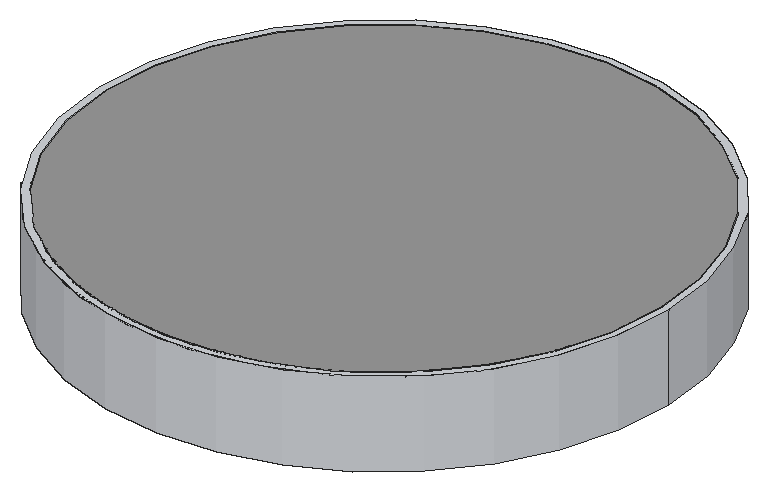
Revit family "2071124", category Lighting Fixtures, host Face, Revit 2018
Family settings
  Host = Face
  Round Connector Dimension = Use Diameter
  Part Type = Normal
  OmniClass Number = 23.80.70.00
  OmniClass Title = Lighting
  Cut with Voids When Loaded = No
  Light Source = Yes
  Shared = No
  Room Calculation Point = No
Parameters (values of type "2071124 COLOSSAL 400 940 OP DIR WHT DALI EM")
  iner diameter = 390 mm
  Weight = "n/a"
  Wattage Comments = ""
  Wattage = 30 W
  WarrantyStartDate [instance] = "n/a"
  WarrantyGuarantorParts = "n/a"
  WarrantyDurationUnit = "n/a"
  WarrantyDurationParts = ""
  WarrantyDescription = "http://www.sylvania-lighting.com"
  built-in parameter 1150110 = 1 (stored number, unit not read)
  Voltage = 230 V
  URL = "0.95"
  TypeName = "COLOSSAL 400mm 940 OPAL DIR WHITE DALI EM"
  Type Image = <None>
  Type Comments = "n/a"
  built-in parameter 1114217 = 1 (stored number, unit not read)
  Tilt Angle = -90.00°
  built-in parameter 1150109 = 1 (stored number, unit not read)
  built-in parameter 1150134 = (empty or 0)
  built-in parameter 1150113 = 1 (stored number, unit not read)
  SerialNumber [instance] = "n/a"
  Photometric Web File = "2071124.ies"
  Material_3_SYL = LED-Sylvania
  PowerFactor = 0
  PowerConsumption = "Lighting"
  NominalLength = 400 mm
  NominalHeight = 93 mm
  NominalDepth = 400 mm
  Name = "COLOSSAL 400mm 940 OPAL DIR WHITE DALI EM"
  ModelReference = Name  # "COLOSSAL 400mm 940 OPAL DIR WHITE DALI EM"
  ModelNumber = "2071124"
  Model = Name  # "COLOSSAL 400mm 940 OPAL DIR WHITE DALI EM"
  Material = "Feilo Sylvania"
  ManufacturerName = "104 lm/W"
  Manufacturer = ""
  LuminousEfficacy = ""
  built-in parameter 1150105 = 270.44 (stored number, unit not read)
  Lumens = 3398.4 lm
  LuminaireType = "0"
  built-in parameter 1150115 = 1 (stored number, unit not read)
  LightOutputRatio = "LED"
  built-in parameter 1150137 = (empty or 0)
  built-in parameter 1150139 = (empty or 0)
  LampsType = Lamp  # "n/a"
  LampNominalLuminous = "4000 K"
  LampMacAdamStep = "90"
  LampColourTemperature = "LED"
  LampColourRenderingIndex = "16500"
  built-in parameter 1150112 = 1 (stored number, unit not read)
  built-in parameter 1150114 = 1 (stored number, unit not read)
  Lamp = "n/a"
  Keynote = "n/a"
  InstallationDate [instance] = "n/a"
  InputVoltage = "0"
  InputNominalFrequency = "4000"
  built-in parameter 1150132 = (empty or 0)
  built-in parameter 1150102 = (empty or 0)
  built-in parameter 1150107 = 3000 (stored number, unit not read)
  built-in parameter 1150138 = (empty or 0)
  IngressProtection = "IfcLightFixtureType"
  ImpactProtectionIndex = "IfcLightFixtureType"
  built-in parameter 1150106 = 2.7044 (stored number, unit not read)
  IfcExportType = "IfcLightFixtureType"
  IfcExportAs = "Class I"
  Emit from Circle Diameter = 385 mm
  Emit Shape Visible in Rendering = no
  ElectricShockClassification = "104"
  built-in parameter 1150104 = 10.524 (stored number, unit not read)
  DocumentationLiterature = "http://www.sylvania-lighting.com/product/en-int/products/2071124"
  DimmingControlOptions = "n/a"
  Material_2_SYL = Polycarbonate_Sylvania_White
  Dimming Lamp Color Temperature Shift = <None>
  Description = "400mm diameter circular architectural luminaire, can be surface mounted or suspended. Powder coated aluminium housing (RAL9016) with polycarbonate opal diffuser. Direct light distribution, 2200lm luminuous flux, 21.2W system power, 104lm/W luminiaire efficacy. DALI dimmable. 3 hours integrated emergency. Colour rendering index Ra >90, 4000K Neutral White LED, chromaticity tolerance of 3-step MacAdam ellipse. IP40, IK03. 450mA drive current. Electrical protection Class1, 220-240V. Reported lifetime 66k hours L90B10."
  Default Elevation = 1219.2 mm
  CreatedOn = "22/03/2022"
  CreatedBy = "@sylvania-lighting.com"
  Cost = 0
  Color Filter = 16777215
  built-in parameter 1114216 [instance] = (empty or 0)
  ClassificationValue = "EF_70_80"
  ClassificationName = "Uniclass2015"
  Material_1_SYL = Polycarbonate_Sylvania_Opal
  BarCode [instance] = "n/a"
  built-in parameter 1114218 = 1 (stored number, unit not read)
  built-in parameter 1150133 = 10 (stored number, unit not read)
  AssetType = "Fixed"
  AssetIdentifier [instance] = "n/a"
  Assembly Code = "D5020200"
  Apparent Load = 21.2 VA
  Material_4_SYL = none
Reference planes
  plane 1 "Center (Front/Back)": y = 0
  plane 2: z = 0
  plane 3 "Center (Left/Right)": x = 0
  plane 4: x = -200
  plane 5: x = 200
  plane 6: y = 200
  plane 7: y = -200
  plane 8: y = 236
  plane 9: y = -236
  plane 10: z = 93
  plane 11: y = 195
  plane 12: y = -195
  plane 13: y = 90.5
  plane 14: y = 144.5
  plane 15: through (52.25, 90.5, 1219.2) normal (0.866, 0.5, 0)
  plane 16: through (52.25, 90.5, 1219.2) normal (0.866, 0.5, 0)
  plane 17: through (63.706, 126.657, 1219.2) normal (0.866, 0.5, 0)
  plane 18: through (-104.5, 0, 1219.2) normal (-0.866, 0.5, 0)
  plane 19: through (-142.394, -9.633, 1219.2) normal (-0.866, 0.5, 0)
  plane 20: y = -90.5
  plane 21: y = -118.5
  plane 22: through (85.371, -141.133, 1219.2) normal (-0.866, 0.5, 0)
  plane 23: through (52.25, -90.5, 1219.2) normal (-0.866, 0.5, 0)
  plane 24: through (-161.658, 0, 1219.2) normal (0.866, 0.5, 0)
  plane 25: through (-172.12, 9.121, 1219.2) normal (0.866, 0.5, 0)
  plane 26: through (-104.5, 0, 1219.2) normal (0.866, 0.5, 0)
Forms (mm)
  Extrusion 1, solid, detail levels medium+fine
    sketch origin (0, 0, 0) x (1, 0, 0) y (0, 1, 0)
      loop
        circle (0, 0) r 200
    from 33.023 to 93
  Extrusion 2, void
    sketch origin (0, 0, 0) x (1, 0, 0) y (0, 1, 0)
      loop
        circle (0, 0) r 195
    from 93 to 37.292
  Extrusion 3, solid, material "Glass, White, High Luminance", detail levels fine
    sketch origin (0, 0, 0) x (1, 0, 0) y (0, 1, 0)
      loop
        circle (0, 0) r 195
    from 88.026 to 93
  Extrusion 4, solid, detail levels coarse
    sketch origin (0, 0, 0) x (1, 0, 0) y (0, 1, 0)
      loop
        line (-200, 200) -> (-200, -200) -> (200, -200) -> (200, 200) -> (-200, 200)
    from 0 to 93
  Blend 5, solid, detail levels medium+fine
    base sketch origin (0, 0, 0) x (1, 0, 0) y (0, 1, 0)
      loop
        line (-52.25, 90.5) -> (-104.5, 0) -> (-52.25, -90.5) -> (52.25, -90.5) -> (104.5, 0) -> (52.25, 90.5) -> (-52.25, 90.5)
    top sketch origin (0, 0, 0) x (1, 0, 0) y (0, 1, 0)
      loop
        line (-53.405, 144.5) -> (-149.245, -21.5) -> (-93.242, -118.5) -> (98.438, -118.5) -> (151.843, -26) -> (53.405, 144.5) -> (-53.405, 144.5)
    from 0 to 33.023
Cuts and joins
  Extrusion 2 cuts Extrusion 1
Dimensions and locks
  "NominalDepth": plane 6 to plane 7
  "NominalLength": plane 4 to plane 5
  equal spacing: plane 4, plane 3 "Center (Left/Right)", plane 5
  "iner diameter": plane 11 to plane 12
  equal spacing: plane 11, plane 1 "Center (Front/Back)", plane 12
  equal spacing: plane 6, plane 1 "Center (Front/Back)", plane 7
  "NominalHeight": plane 10 to level
  plane 19 to plane 18 = 28 mm
  radius of Extrusion 2 sketch curve = 195 mm
  aligned and locked: plane 2 to host face
  aligned and locked: level to host face
Automatic sketch dimensions
  host sketch curve to host sketch curve = 2438.4 mm  (x2)
  plane 1 "Center (Front/Back)" to Extrusion 1 sketch curve = 0 mm
  Extrusion 1 sketch curve to plane 3 "Center (Left/Right)" = 0 mm
  plane 1 "Center (Front/Back)" to Extrusion 2 sketch curve = 0 mm
  Extrusion 2 sketch curve to plane 3 "Center (Left/Right)" = 0 mm
  plane 1 "Center (Front/Back)" to Extrusion 3 sketch curve = 0 mm
  Extrusion 3 sketch curve to plane 3 "Center (Left/Right)" = 0 mm
  Extrusion 4 sketch curve to plane 4 = 0 mm
  Extrusion 4 sketch curve to plane 5 = 0 mm
  Extrusion 4 sketch curve to plane 7 = 0 mm
  Extrusion 4 sketch curve to plane 6 = 0 mm
  Blend 5 sketch curve to plane 19 = 0 mm  (x2)
  Blend 5 sketch curve to plane 24 = 0 mm  (x2)
  Blend 5 sketch curve to plane 21 = 0 mm
  Blend 5 sketch curve to plane 14 = 0 mm
  Blend 5 sketch curve to plane 17 = 0 mm  (x2)
  Blend 5 sketch curve to plane 22 = 0 mm  (x2)
  radius of Extrusion 1 sketch curve = 200 mm
  radius of Extrusion 3 sketch curve = 195 mm
Connectors
  electrical at (0, 0, 0), driven by "Apparent Load", driven by "PowerFactor", driven by "Voltage"
    settings: index 1, voltage 230 V, apparent load 21.2 VA, apparent load phase1 0 VA, apparent load phase2 0 VA, apparent load phase3 0 VA, power factor 0, load classification "Lighting", number of poles 1, system type 30, power factor state 1, is connector primary yes, connector utility no, sub classification motor no, connector description ""
